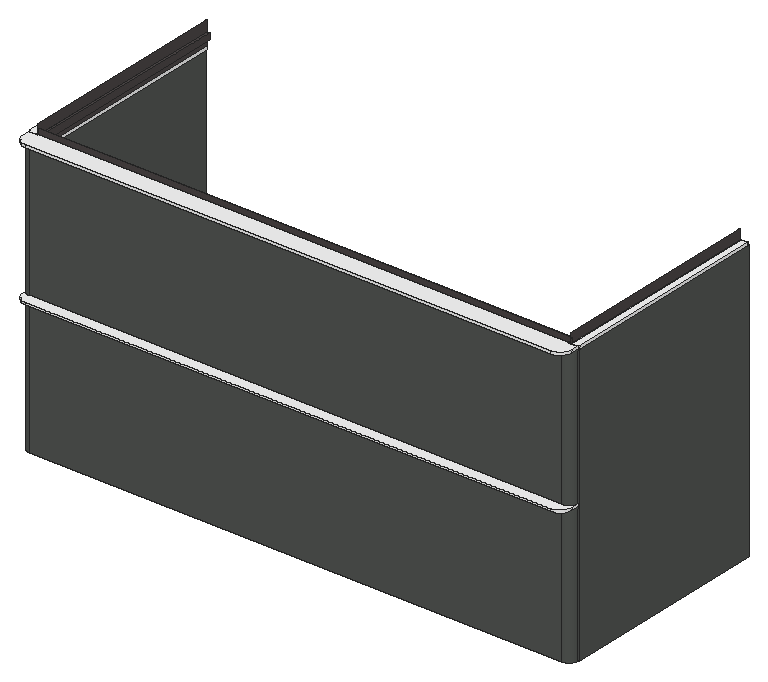
Revit family "vanity unit with 2 drawers", category Furniture, Revit 2019 (continued)
Definition of nested family "vanity unit 780_475 with 2 drawers for washbasin-54030670-dark walnut-matt_black-200_content"
  Forms (mm)
    Extrusion 10, solid, visible <- "ContentVisible", detail levels medium+fine
      sketch origin (0, 0, 0) x (0, 0, -1) y (0, 1, 0)
        loop
          line (-616, -453.5) -> (-567, -453.5) -> (-567, -447.4) -> (-616, -447.4) -> (-616, -453.5)
      from -372.5 to 372.5
    Extrusion 11, solid, visible <- "ContentVisible", detail levels coarse
      sketch origin (0, -248, 0) x (1, 0, 0) y (0, 1, 0)
        loop
          line (-390, -248) -> (390, -248) -> (390, 248) -> (-390, 248) -> (-390, -248)
      from 0 to 624.5
  Dimensions and locks
    aligned and locked: level to plane 2
Definition of nested family "vanity unit 780_475 with 2 drawers for washbasin-54030670-dark walnut-matt_black-400_content"
  Parameters (values of type "Vanity unit 780_475 with 2 drawers for washbasin-54030670-Dark Walnut-MATT_BLACK-400_Content")
    etim7_EC011381 = "EC011381"
    WEIGHT = "33.3"
    UNSPSC = "56 | Furniture and Furnishings"
    UNIFORMATII = "E2010 | Fixed Furnishings"
    UNICLASS_2015_CODE = "40_30_78_05"
    UNICLASS2015 = "Pr_40_30_78_05 | Bathroom furniture"
    SURFACE = "MATT_BLACK"
    REGIONSET = "Worldwide"
    PRODUCTURL = "https://pro.hansgrohe.com/articledetail--54030000"
    PRODUCTGROUP = "vanity unit"
    PRODUCTFAMILY = "Xelu Q"
    PERMALINK = "54030XXX"
    OMNICLASS = "23-21 19 15 33 13 | Residential Bathroom Specialty Casework"
    OBJECTTYPE = "Object (single object)"
    OBERFLAECHE = "Dark Walnut"
    NN = "Vanity Unit with 2 Drawers"
    NBSYN = "$BASENUMBER.-$ARTNR.-$OBERFLAECHE.-$SURFACE.-$LODLEVEL."
    NB = "Vanity unit 780/475 with 2 drawers for washbasin-54030670-Dark Walnut-MATT_BLACK-400"
    NAME = "Xelu Q Vanity unit Dark Walnut 780/475 with 2 drawers for washbasin"
    Model = "Vanity unit 780/475 with 2 drawers for washbasin-54030670-Dark Walnut-MATT_BLACK-400"
    Manufacturer = "Hansgrohe"
    MASTERFORMAT = "12 35 30.23 | Bathroom Casework"
    LODLEVEL = "400"
    LINA = "Vanity unit 780/475 with 2 drawers for washbasin-54030670-Dark Walnut-MATT_BLACK-400"
    L = 780
    IFC = "Furnishing element"
    GTINCODE = "4059625455456"
    ETIM = "EC011381 | Bathroom furniture set"
    Default Elevation = 1219.2 mm
    DESIGN = "Germany"
    ContentVisible [instance] = yes
    CATALOG = "Hansgrohe"
    BIMOBJECT = "Sanitary: Compound units"
    BASENUMBER = "Vanity unit 780/475 with 2 drawers for washbasin"
    ARTNR = "54030670"
  Reference planes
    plane 1 "Center (Front/Back)": y = 0
    plane 2: z = 0
    plane 3 "Center (Left/Right)": x = 0
  Forms (mm)
    Extrusion 1, solid, visible <- "ContentVisible", detail levels medium+fine
      sketch origin (0, 0, 0) x (1, 0, 0) y (0, 1, 0)
        loop
          line (-390, 0) -> (-390, -452)
          arc (-390, -452) -> (-389.121, -454.121) -> (-387, -455) r 3
          line (-387, -455) -> (-374, -455) -> (-374, 0) -> (-390, 0)
      from 0 to 600
    Extrusion 2, solid, visible <- "ContentVisible", detail levels medium+fine
      sketch origin (0, 0, 2) x (1, 0, 0) y (0, 1, 0)
        loop
          line (-374, -88) -> (-374, -455) -> (374, -455) -> (374, -88) -> (-374, -88)
      from 0 to 16
    Extrusion 3, solid, visible <- "ContentVisible", detail levels medium+fine
      sketch origin (0, 0, 0) x (1, 0, 0) y (0, 1, 0)
        loop
          line (374, 0) -> (374, -455) -> (387, -455)
          arc (387, -455) -> (389.121, -454.121) -> (390, -452) r 3
          line (390, -452) -> (390, 0) -> (374, 0)
      from 0 to 600
    Extrusion 4, solid, visible <- "ContentVisible", detail levels medium+fine
      sketch origin (0, 0, 2) x (1, 0, 0) y (0, 1, 0)
        loop
          line (-374, -72) -> (-374, -88) -> (374, -88) -> (374, -72) -> (-374, -72)
      from 0 to 126
    Extrusion 5, solid, visible <- "ContentVisible", detail levels medium+fine
      sketch origin (0, 0, 2) x (1, 0, 0) y (0, 1, 0)
        loop
          arc (-390, -457) -> (-384.435, -470.435) -> (-371, -476) r 19
          line (-371, -476) -> (371, -476)
          arc (371, -476) -> (384.435, -470.435) -> (390, -457) r 19
          line (390, -457) -> (390, -455) -> (-390, -455) -> (-390, -457)
      from 0 to 295
    Extrusion 6, solid, visible <- "ContentVisible", detail levels medium+fine
      sketch origin (0, 0, 305) x (1, 0, 0) y (0, 1, 0)
        loop
          arc (-390, -457) -> (-384.435, -470.435) -> (-371, -476) r 19
          line (-371, -476) -> (371, -476)
          arc (371, -476) -> (384.435, -470.435) -> (390, -457) r 19
          line (390, -457) -> (390, -455) -> (-390, -455) -> (-390, -457)
      from 0 to 295
    Extrusion 7, solid, visible <- "ContentVisible", detail levels medium+fine
      sketch origin (0, 0, 297) x (1, 0, 0) y (0, 1, 0)
        loop
          line (-388.5, -455) -> (-388.5, -471)
          arc (-388.5, -471) -> (-381.178, -488.678) -> (-363.5, -496) r 25
          line (-363.5, -496) -> (363.5, -496)
          arc (363.5, -496) -> (381.178, -488.678) -> (388.5, -471) r 25
          line (388.5, -471) -> (388.5, -455) -> (368.5, -455) -> (368.5, -453.5) -> (-368.5, -453.5) -> (-368.5, -455) -> (-388.5, -455)
      from 0 to 5
    Extrusion 8, solid, visible <- "ContentVisible", detail levels medium+fine
      sketch origin (0, 0, 0) x (0, 0, -1) y (0, 1, 0)
        loop
          line (-297, -453.5) -> (-297, -455) -> (-267, -455) -> (-267, -453.5) -> (-297, -453.5)
      from -368.5 to 368.5
    Extrusion 9, solid, visible <- "ContentVisible", detail levels medium+fine
      sketch origin (0, 0, 600) x (1, 0, 0) y (0, 1, 0)
        loop
          line (-388.5, -455) -> (-388.5, -471)
          arc (-388.5, -471) -> (-381.178, -488.678) -> (-363.5, -496) r 25
          line (-363.5, -496) -> (363.5, -496)
          arc (363.5, -496) -> (381.178, -488.678) -> (388.5, -471) r 25
          line (388.5, -471) -> (388.5, -455) -> (368.5, -455) -> (368.5, -453.5) -> (-368.5, -453.5) -> (-368.5, -455) -> (-388.5, -455)
      from 0 to 5
    Extrusion 10, solid, visible <- "ContentVisible", detail levels medium+fine
      sketch origin (0, 0, 0) x (0, 0, -1) y (0, 1, 0)
        loop
          line (-600, -453.5) -> (-600, -455) -> (-570, -455) -> (-570, -453.5) -> (-600, -453.5)
      from -368.5 to 368.5
    Extrusion 11, solid, visible <- "ContentVisible", detail levels medium+fine
      sketch origin (0, 0, 0) x (1, 0, 0) y (0, 0, -1)
        loop
          line (-374, -566.8) -> (-374, -605) -> (-372.5, -605) -> (-372.5, -566.8) -> (-374, -566.8)
      from -455 to 0
    Extrusion 12, solid, visible <- "ContentVisible", detail levels medium+fine
      sketch origin (0, 0, 0) x (1, 0, 0) y (0, 0, -1)
        loop
          line (372.5, -566.8) -> (372.5, -605) -> (374, -605) -> (374, -566.8) -> (372.5, -566.8)
      from -455 to 0
    Extrusion 13, solid, visible <- "ContentVisible", detail levels medium+fine
      sketch origin (0, 0, 600) x (1, 0, 0) y (0, 1, 0)
        loop
          line (-390, -3) -> (-390, -452)
          arc (-390, -452) -> (-389.121, -454.121) -> (-387, -455) r 3
          line (-387, -455) -> (-374, -455) -> (-374, 0) -> (-387, 0)
          arc (-387, 0) -> (-389.121, -0.879) -> (-390, -3) r 3
      from 0 to 5
    Extrusion 14, solid, visible <- "ContentVisible", detail levels medium+fine
      sketch origin (0, 0, 600) x (1, 0, 0) y (0, 1, 0)
        loop
          line (374, 0) -> (374, -455) -> (387, -455)
          arc (387, -455) -> (389.121, -454.121) -> (390, -452) r 3
          line (390, -452) -> (390, -3)
          arc (390, -3) -> (389.121, -0.879) -> (387, 0) r 3
          line (387, 0) -> (374, 0)
      from 0 to 5
    Extrusion 15, solid, visible <- "ContentVisible", detail levels medium+fine
      sketch origin (0, 0, 0) x (1, 0, 0) y (0, 0, -1)
        loop
          line (-372.5, -575.3) -> (-372.5, -624.5) -> (-371, -624.5) -> (-371, -602.8) -> (-366.4, -602.8) -> (-366.4, -588.3) -> (-371, -588.3) -> (-371, -575.3) -> (-372.5, -575.3)
      from -453.5 to 0
    Extrusion 16, solid, visible <- "ContentVisible", detail levels medium+fine
      sketch origin (0, 0, 0) x (1, 0, 0) y (0, 0, -1)
        loop
          line (366.4, -588.3) -> (366.4, -602.8) -> (371, -602.8) -> (371, -624.5) -> (372.5, -624.5) -> (372.5, -575.3) -> (371, -575.3) -> (371, -588.3) -> (366.4, -588.3)
      from -453.5 to 0
    Extrusion 17, solid, visible <- "ContentVisible", detail levels medium+fine
      sketch origin (0, 0, 0) x (0, 0, -1) y (0, 1, 0)
        loop
          line (-616, -453.5) -> (-567, -453.5) -> (-567, -452) -> (-588.5, -452) -> (-588.5, -447.4) -> (-603, -447.4) -> (-603, -452) -> (-616, -452) -> (-616, -453.5)
      from -372.5 to 372.5
    Extrusion 18, solid, visible <- "ContentVisible", detail levels coarse
      sketch origin (0, -248, 0) x (1, 0, 0) y (0, 1, 0)
        loop
          line (-390, -248) -> (390, -248) -> (390, 248) -> (-390, 248) -> (-390, -248)
      from 0 to 624.5
  Dimensions and locks
    aligned and locked: level to plane 2
Definition of nested family "vanity unit 780_475 with 2 drawers for washbasin-54030700-dark walnut-matt_white-200_content"
  Parameters (values of type "Vanity unit 780_475 with 2 drawers for washbasin-54030700-Dark Walnut-MATT_WHITE-200_Content")
    etim7_EC011381 = "EC011381"
    WEIGHT = "33.3"
    UNSPSC = "56 | Furniture and Furnishings"
    UNIFORMATII = "E2010 | Fixed Furnishings"
    UNICLASS_2015_CODE = "40_30_78_05"
    UNICLASS2015 = "Pr_40_30_78_05 | Bathroom furniture"
    SURFACE = "MATT_WHITE"
    REGIONSET = "Worldwide"
    PRODUCTURL = "https://pro.hansgrohe.com/articledetail--54030000"
    PRODUCTGROUP = "vanity unit"
    PRODUCTFAMILY = "Xelu Q"
    PERMALINK = "54030XXX"
    OMNICLASS = "23-21 19 15 33 13 | Residential Bathroom Specialty Casework"
    OBJECTTYPE = "Object (single object)"
    OBERFLAECHE = "Dark Walnut"
    NN = "Vanity Unit with 2 Drawers"
    NBSYN = "$BASENUMBER.-$ARTNR.-$OBERFLAECHE.-$SURFACE.-$LODLEVEL."
    NB = "Vanity unit 780/475 with 2 drawers for washbasin-54030700-Dark Walnut-MATT_WHITE-200"
    NAME = "Xelu Q Vanity unit Dark Walnut 780/475 with 2 drawers for washbasin"
    Model = "Vanity unit 780/475 with 2 drawers for washbasin-54030700-Dark Walnut-MATT_WHITE-200"
    Manufacturer = "Hansgrohe"
    MASTERFORMAT = "12 35 30.23 | Bathroom Casework"
    LODLEVEL = "200"
    LINA = "Vanity unit 780/475 with 2 drawers for washbasin-54030700-Dark Walnut-MATT_WHITE-200"
    L = 780
    IFC = "Furnishing element"
    GTINCODE = "4059625455456"
    ETIM = "EC011381 | Bathroom furniture set"
    Default Elevation = 1219.2 mm
    DESIGN = "Germany"
    ContentVisible [instance] = yes
    CATALOG = "Hansgrohe"
    BIMOBJECT = "Sanitary: Compound units"
    BASENUMBER = "Vanity unit 780/475 with 2 drawers for washbasin"
    ARTNR = "54030700"
  Reference planes
    plane 1 "Center (Front/Back)": y = 0
    plane 2: z = 0
    plane 3 "Center (Left/Right)": x = 0
  Forms (mm)
    Extrusion 1, solid, visible <- "ContentVisible", detail levels medium+fine
      sketch origin (0, 0, 0) x (1, 0, 0) y (0, 1, 0)
        loop
          line (-390, 0) -> (-390, -476) -> (390, -476) -> (390, 0) -> (374, 0) -> (374, -72) -> (-374, -72) -> (-374, 0) -> (-390, 0)
      from 0 to 600
    Extrusion 2, solid, visible <- "ContentVisible", detail levels medium+fine
      sketch origin (0, 0, 297) x (1, 0, 0) y (0, 1, 0)
        loop
          line (-388.5, -453.5) -> (-388.5, -496) -> (388.5, -496) -> (388.5, -453.5) -> (-388.5, -453.5)
      from 0 to 5
    Extrusion 3, solid, visible <- "ContentVisible", detail levels medium+fine
      sketch origin (0, 0, 600) x (1, 0, 0) y (0, 1, 0)
        loop
          line (-388.5, -453.5) -> (-388.5, -496) -> (388.5, -496) -> (388.5, -453.5) -> (-388.5, -453.5)
      from 0 to 5
    Extrusion 4, solid, visible <- "ContentVisible", detail levels medium+fine
      sketch origin (0, 0, 0) x (1, 0, 0) y (0, 0, -1)
        loop
          line (-374, -566.8) -> (-374, -605) -> (-372.5, -605) -> (-372.5, -566.8) -> (-374, -566.8)
      from -455 to 0
    Extrusion 5, solid, visible <- "ContentVisible", detail levels medium+fine
      sketch origin (0, 0, 0) x (1, 0, 0) y (0, 0, -1)
        loop
          line (372.5, -566.8) -> (372.5, -605) -> (374, -605) -> (374, -566.8) -> (372.5, -566.8)
      from -455 to 0
    Extrusion 6, solid, visible <- "ContentVisible", detail levels medium+fine
      sketch origin (0, 0, 600) x (1, 0, 0) y (0, 1, 0)
        loop
          line (-390, 0) -> (-390, -455) -> (-374, -455) -> (-374, 0) -> (-390, 0)
      from 0 to 5
    Extrusion 7, solid, visible <- "ContentVisible", detail levels medium+fine
      sketch origin (0, 0, 600) x (1, 0, 0) y (0, 1, 0)
        loop
          line (374, 0) -> (374, -455) -> (390, -455) -> (390, 0) -> (374, 0)
      from 0 to 5
    Extrusion 8, solid, visible <- "ContentVisible", detail levels medium+fine
      sketch origin (0, 0, 0) x (1, 0, 0) y (0, 0, -1)
        loop
          line (-372.5, -575.3) -> (-372.5, -624.5) -> (-366.4, -624.5) -> (-366.4, -575.3) -> (-372.5, -575.3)
      from -453.5 to 0
    Extrusion 9, solid, visible <- "ContentVisible", detail levels medium+fine
      sketch origin (0, 0, 0) x (1, 0, 0) y (0, 0, -1)
        loop
          line (366.4, -575.3) -> (366.4, -624.5) -> (372.5, -624.5) -> (372.5, -575.3) -> (366.4, -575.3)
      from -453.5 to 0
    Extrusion 10, solid, visible <- "ContentVisible", detail levels medium+fine
      sketch origin (0, 0, 0) x (0, 0, -1) y (0, 1, 0)
        loop
          line (-616, -453.5) -> (-567, -453.5) -> (-567, -447.4) -> (-616, -447.4) -> (-616, -453.5)
      from -372.5 to 372.5
    Extrusion 11, solid, visible <- "ContentVisible", detail levels coarse
      sketch origin (0, -248, 0) x (1, 0, 0) y (0, 1, 0)
        loop
          line (-390, -248) -> (390, -248) -> (390, 248) -> (-390, 248) -> (-390, -248)
      from 0 to 624.5
  Dimensions and locks
    aligned and locked: level to plane 2
Definition of nested family "vanity unit 780_475 with 2 drawers for washbasin-54030700-dark walnut-matt_white-400_content"
  Parameters (values of type "Vanity unit 780_475 with 2 drawers for washbasin-54030700-Dark Walnut-MATT_WHITE-400_Content")
    etim7_EC011381 = "EC011381"
    WEIGHT = "33.3"
    UNSPSC = "56 | Furniture and Furnishings"
    UNIFORMATII = "E2010 | Fixed Furnishings"
    UNICLASS_2015_CODE = "40_30_78_05"
    UNICLASS2015 = "Pr_40_30_78_05 | Bathroom furniture"
    SURFACE = "MATT_WHITE"
    REGIONSET = "Worldwide"
    PRODUCTURL = "https://pro.hansgrohe.com/articledetail--54030000"
    PRODUCTGROUP = "vanity unit"
    PRODUCTFAMILY = "Xelu Q"
    PERMALINK = "54030XXX"
    OMNICLASS = "23-21 19 15 33 13 | Residential Bathroom Specialty Casework"
    OBJECTTYPE = "Object (single object)"
    OBERFLAECHE = "Dark Walnut"
    NN = "Vanity Unit with 2 Drawers"
    NBSYN = "$BASENUMBER.-$ARTNR.-$OBERFLAECHE.-$SURFACE.-$LODLEVEL."
    NB = "Vanity unit 780/475 with 2 drawers for washbasin-54030700-Dark Walnut-MATT_WHITE-400"
    NAME = "Xelu Q Vanity unit Dark Walnut 780/475 with 2 drawers for washbasin"
    Model = "Vanity unit 780/475 with 2 drawers for washbasin-54030700-Dark Walnut-MATT_WHITE-400"
    Manufacturer = "Hansgrohe"
    MASTERFORMAT = "12 35 30.23 | Bathroom Casework"
    LODLEVEL = "400"
    LINA = "Vanity unit 780/475 with 2 drawers for washbasin-54030700-Dark Walnut-MATT_WHITE-400"
    L = 780
    IFC = "Furnishing element"
    GTINCODE = "4059625455456"
    ETIM = "EC011381 | Bathroom furniture set"
    Default Elevation = 1219.2 mm
    DESIGN = "Germany"
    ContentVisible [instance] = yes
    CATALOG = "Hansgrohe"
    BIMOBJECT = "Sanitary: Compound units"
    BASENUMBER = "Vanity unit 780/475 with 2 drawers for washbasin"
    ARTNR = "54030700"
  Reference planes
    plane 1 "Center (Front/Back)": y = 0
    plane 2: z = 0
    plane 3 "Center (Left/Right)": x = 0
  Forms (mm)
    Extrusion 1, solid, visible <- "ContentVisible", detail levels medium+fine
      sketch origin (0, 0, 0) x (1, 0, 0) y (0, 1, 0)
        loop
          line (-390, 0) -> (-390, -452)
          arc (-390, -452) -> (-389.121, -454.121) -> (-387, -455) r 3
          line (-387, -455) -> (-374, -455) -> (-374, 0) -> (-390, 0)
      from 0 to 600
    Extrusion 2, solid, visible <- "ContentVisible", detail levels medium+fine
      sketch origin (0, 0, 2) x (1, 0, 0) y (0, 1, 0)
        loop
          line (-374, -88) -> (-374, -455) -> (374, -455) -> (374, -88) -> (-374, -88)
      from 0 to 16
    Extrusion 3, solid, visible <- "ContentVisible", detail levels medium+fine
      sketch origin (0, 0, 0) x (1, 0, 0) y (0, 1, 0)
        loop
          line (374, 0) -> (374, -455) -> (387, -455)
          arc (387, -455) -> (389.121, -454.121) -> (390, -452) r 3
          line (390, -452) -> (390, 0) -> (374, 0)
      from 0 to 600
    Extrusion 4, solid, visible <- "ContentVisible", detail levels medium+fine
      sketch origin (0, 0, 2) x (1, 0, 0) y (0, 1, 0)
        loop
          line (-374, -72) -> (-374, -88) -> (374, -88) -> (374, -72) -> (-374, -72)
      from 0 to 126
    Extrusion 5, solid, visible <- "ContentVisible", detail levels medium+fine
      sketch origin (0, 0, 2) x (1, 0, 0) y (0, 1, 0)
        loop
          arc (-390, -457) -> (-384.435, -470.435) -> (-371, -476) r 19
          line (-371, -476) -> (371, -476)
          arc (371, -476) -> (384.435, -470.435) -> (390, -457) r 19
          line (390, -457) -> (390, -455) -> (-390, -455) -> (-390, -457)
      from 0 to 295
    Extrusion 6, solid, visible <- "ContentVisible", detail levels medium+fine
      sketch origin (0, 0, 305) x (1, 0, 0) y (0, 1, 0)
        loop
          arc (-390, -457) -> (-384.435, -470.435) -> (-371, -476) r 19
          line (-371, -476) -> (371, -476)
          arc (371, -476) -> (384.435, -470.435) -> (390, -457) r 19
          line (390, -457) -> (390, -455) -> (-390, -455) -> (-390, -457)
      from 0 to 295
    Extrusion 7, solid, visible <- "ContentVisible", detail levels medium+fine
      sketch origin (0, 0, 297) x (1, 0, 0) y (0, 1, 0)
        loop
          line (-388.5, -455) -> (-388.5, -471)
          arc (-388.5, -471) -> (-381.178, -488.678) -> (-363.5, -496) r 25
          line (-363.5, -496) -> (363.5, -496)
          arc (363.5, -496) -> (381.178, -488.678) -> (388.5, -471) r 25
          line (388.5, -471) -> (388.5, -455) -> (368.5, -455) -> (368.5, -453.5) -> (-368.5, -453.5) -> (-368.5, -455) -> (-388.5, -455)
      from 0 to 5
    Extrusion 8, solid, visible <- "ContentVisible", detail levels medium+fine
      sketch origin (0, 0, 0) x (0, 0, -1) y (0, 1, 0)
        loop
          line (-297, -453.5) -> (-297, -455) -> (-267, -455) -> (-267, -453.5) -> (-297, -453.5)
      from -368.5 to 368.5
    Extrusion 9, solid, visible <- "ContentVisible", detail levels medium+fine
      sketch origin (0, 0, 600) x (1, 0, 0) y (0, 1, 0)
        loop
          line (-388.5, -455) -> (-388.5, -471)
          arc (-388.5, -471) -> (-381.178, -488.678) -> (-363.5, -496) r 25
          line (-363.5, -496) -> (363.5, -496)
          arc (363.5, -496) -> (381.178, -488.678) -> (388.5, -471) r 25
          line (388.5, -471) -> (388.5, -455) -> (368.5, -455) -> (368.5, -453.5) -> (-368.5, -453.5) -> (-368.5, -455) -> (-388.5, -455)
      from 0 to 5
    Extrusion 10, solid, visible <- "ContentVisible", detail levels medium+fine
      sketch origin (0, 0, 0) x (0, 0, -1) y (0, 1, 0)
        loop
          line (-600, -453.5) -> (-600, -455) -> (-570, -455) -> (-570, -453.5) -> (-600, -453.5)
      from -368.5 to 368.5
    Extrusion 11, solid, visible <- "ContentVisible", detail levels medium+fine
      sketch origin (0, 0, 0) x (1, 0, 0) y (0, 0, -1)
        loop
          line (-374, -566.8) -> (-374, -605) -> (-372.5, -605) -> (-372.5, -566.8) -> (-374, -566.8)
      from -455 to 0
    Extrusion 12, solid, visible <- "ContentVisible", detail levels medium+fine
      sketch origin (0, 0, 0) x (1, 0, 0) y (0, 0, -1)
        loop
          line (372.5, -566.8) -> (372.5, -605) -> (374, -605) -> (374, -566.8) -> (372.5, -566.8)
      from -455 to 0
    Extrusion 13, solid, visible <- "ContentVisible", detail levels medium+fine
      sketch origin (0, 0, 600) x (1, 0, 0) y (0, 1, 0)
        loop
          line (-390, -3) -> (-390, -452)
          arc (-390, -452) -> (-389.121, -454.121) -> (-387, -455) r 3
          line (-387, -455) -> (-374, -455) -> (-374, 0) -> (-387, 0)
          arc (-387, 0) -> (-389.121, -0.879) -> (-390, -3) r 3
      from 0 to 5
    Extrusion 14, solid, visible <- "ContentVisible", detail levels medium+fine
      sketch origin (0, 0, 600) x (1, 0, 0) y (0, 1, 0)
        loop
          line (374, 0) -> (374, -455) -> (387, -455)
          arc (387, -455) -> (389.121, -454.121) -> (390, -452) r 3
          line (390, -452) -> (390, -3)
          arc (390, -3) -> (389.121, -0.879) -> (387, 0) r 3
          line (387, 0) -> (374, 0)
      from 0 to 5
    Extrusion 15, solid, visible <- "ContentVisible", detail levels medium+fine
      sketch origin (0, 0, 0) x (1, 0, 0) y (0, 0, -1)
        loop
          line (-372.5, -575.3) -> (-372.5, -624.5) -> (-371, -624.5) -> (-371, -602.8) -> (-366.4, -602.8) -> (-366.4, -588.3) -> (-371, -588.3) -> (-371, -575.3) -> (-372.5, -575.3)
      from -453.5 to 0
    Extrusion 16, solid, visible <- "ContentVisible", detail levels medium+fine
      sketch origin (0, 0, 0) x (1, 0, 0) y (0, 0, -1)
        loop
          line (366.4, -588.3) -> (366.4, -602.8) -> (371, -602.8) -> (371, -624.5) -> (372.5, -624.5) -> (372.5, -575.3) -> (371, -575.3) -> (371, -588.3) -> (366.4, -588.3)
      from -453.5 to 0
    Extrusion 17, solid, visible <- "ContentVisible", detail levels medium+fine
      sketch origin (0, 0, 0) x (0, 0, -1) y (0, 1, 0)
        loop
          line (-616, -453.5) -> (-567, -453.5) -> (-567, -452) -> (-588.5, -452) -> (-588.5, -447.4) -> (-603, -447.4) -> (-603, -452) -> (-616, -452) -> (-616, -453.5)
      from -372.5 to 372.5
    Extrusion 18, solid, visible <- "ContentVisible", detail levels coarse
      sketch origin (0, -248, 0) x (1, 0, 0) y (0, 1, 0)
        loop
          line (-390, -248) -> (390, -248) -> (390, 248) -> (-390, 248) -> (-390, -248)
      from 0 to 624.5
  Dimensions and locks
    aligned and locked: level to plane 2
Definition of nested family "vanity unit 980_475 with 2 drawers for washbasin-54031000-high gloss white-chrome-200_content"
  Parameters (values of type "Vanity unit 980_475 with 2 drawers for washbasin-54031000-High Gloss White-CHROME-200_Content")
    etim7_EC011381 = "EC011381"
    WEIGHT = "39.8"
    UNSPSC = "56 | Furniture and Furnishings"
    UNIFORMATII = "E2010 | Fixed Furnishings"
    UNICLASS_2015_CODE = "40_30_78_05"
    UNICLASS2015 = "Pr_40_30_78_05 | Bathroom furniture"
    SURFACE = "CHROME"
    REGIONSET = "Worldwide"
    PRODUCTURL = "https://pro.hansgrohe.com/articledetail--54031000"
    PRODUCTGROUP = "vanity unit"
    PRODUCTFAMILY = "Xelu Q"
    PERMALINK = "54031XXX"
    OMNICLASS = "23-21 19 15 33 13 | Residential Bathroom Specialty Casework"
    OBJECTTYPE = "Object (single object)"
    OBERFLAECHE = "High Gloss White"
    NN = "Vanity Unit with 2 Drawers"
    NBSYN = "$BASENUMBER.-$ARTNR.-$OBERFLAECHE.-$SURFACE.-$LODLEVEL."
    NB = "Vanity unit 980/475 with 2 drawers for washbasin-54031000-High Gloss White-CHROME-200"
    NAME = "Xelu Q Vanity unit High Gloss White 980/475 with 2 drawers for washbasin"
    Model = "Vanity unit 980/475 with 2 drawers for washbasin-54031000-High Gloss White-CHROME-200"
    Manufacturer = "Hansgrohe"
    MASTERFORMAT = "12 35 30.23 | Bathroom Casework"
    LODLEVEL = "200"
    LINA = "Vanity unit 980/475 with 2 drawers for washbasin-54031000-High Gloss White-CHROME-200"
    L = 980
    IFC = "Furnishing element"
    GTINCODE = "4059625455425"
    ETIM = "EC011381 | Bathroom furniture set"
    Default Elevation = 1219.2 mm
    DESIGN = "Germany"
    ContentVisible [instance] = yes
    CATALOG = "Hansgrohe"
    BIMOBJECT = "Sanitary: Compound units"
    BASENUMBER = "Vanity unit 980/475 with 2 drawers for washbasin"
    ARTNR = "54031000"
  Reference planes
    plane 1 "Center (Front/Back)": y = 0
    plane 2: z = 0
    plane 3 "Center (Left/Right)": x = 0
  Forms (mm)
    Extrusion 1, solid, visible <- "ContentVisible", detail levels medium+fine
      sketch origin (0, 0, 0) x (1, 0, 0) y (0, 1, 0)
        loop
          line (-490, 0) -> (-490, -476) -> (490, -476) -> (490, 0) -> (474, 0) -> (474, -72) -> (-474, -72) -> (-474, 0) -> (-490, 0)
      from 0 to 600
    Extrusion 2, solid, visible <- "ContentVisible", detail levels medium+fine
      sketch origin (0, 0, 297) x (1, 0, 0) y (0, 1, 0)
        loop
          line (-488.5, -453.5) -> (-488.5, -496) -> (488.5, -496) -> (488.5, -453.5) -> (-488.5, -453.5)
      from 0 to 5
    Extrusion 3, solid, visible <- "ContentVisible", detail levels medium+fine
      sketch origin (0, 0, 600) x (1, 0, 0) y (0, 1, 0)
        loop
          line (-488.5, -453.5) -> (-488.5, -496) -> (488.5, -496) -> (488.5, -453.5) -> (-488.5, -453.5)
      from 0 to 5
    Extrusion 4, solid, visible <- "ContentVisible", detail levels medium+fine
      sketch origin (0, 0, 0) x (1, 0, 0) y (0, 0, -1)
        loop
          line (-474, -566.8) -> (-474, -605) -> (-472.5, -605) -> (-472.5, -566.8) -> (-474, -566.8)
      from -455 to 0
    Extrusion 5, solid, visible <- "ContentVisible", detail levels medium+fine
      sketch origin (0, 0, 0) x (1, 0, 0) y (0, 0, -1)
        loop
          line (472.5, -566.8) -> (472.5, -605) -> (474, -605) -> (474, -566.8) -> (472.5, -566.8)
      from -455 to 0
    Extrusion 6, solid, visible <- "ContentVisible", detail levels medium+fine
      sketch origin (0, 0, 600) x (1, 0, 0) y (0, 1, 0)
        loop
          line (-490, 0) -> (-490, -455) -> (-474, -455) -> (-474, 0) -> (-490, 0)
      from 0 to 5
    Extrusion 7, solid, visible <- "ContentVisible", detail levels medium+fine
      sketch origin (0, 0, 600) x (1, 0, 0) y (0, 1, 0)
        loop
          line (474, 0) -> (474, -455) -> (490, -455) -> (490, 0) -> (474, 0)
      from 0 to 5
    Extrusion 8, solid, visible <- "ContentVisible", detail levels medium+fine
      sketch origin (0, 0, 0) x (1, 0, 0) y (0, 0, -1)
        loop
          line (-472.5, -575.3) -> (-472.5, -624.5) -> (-466.4, -624.5) -> (-466.4, -575.3) -> (-472.5, -575.3)
      from -453.5 to 0
    Extrusion 9, solid, visible <- "ContentVisible", detail levels medium+fine
      sketch origin (0, 0, 0) x (1, 0, 0) y (0, 0, -1)
        loop
          line (466.4, -575.3) -> (466.4, -624.5) -> (472.5, -624.5) -> (472.5, -575.3) -> (466.4, -575.3)
      from -453.5 to 0
    Extrusion 10, solid, visible <- "ContentVisible", detail levels medium+fine
      sketch origin (0, 0, 0) x (0, 0, -1) y (0, 1, 0)
        loop
          line (-616, -453.5) -> (-567, -453.5) -> (-567, -447.4) -> (-616, -447.4) -> (-616, -453.5)
      from -472.5 to 472.5
    Extrusion 11, solid, visible <- "ContentVisible", detail levels coarse
      sketch origin (0, -248, 0) x (1, 0, 0) y (0, 1, 0)
        loop
          line (-490, -248) -> (490, -248) -> (490, 248) -> (-490, 248) -> (-490, -248)
      from 0 to 624.5
  Dimensions and locks
    aligned and locked: level to plane 2
Definition of nested family "vanity unit 980_475 with 2 drawers for washbasin-54031000-high gloss white-chrome-400_content"
  Parameters (values of type "Vanity unit 980_475 with 2 drawers for washbasin-54031000-High Gloss White-CHROME-400_Content")
    etim7_EC011381 = "EC011381"
    WEIGHT = "39.8"
    UNSPSC = "56 | Furniture and Furnishings"
    UNIFORMATII = "E2010 | Fixed Furnishings"
    UNICLASS_2015_CODE = "40_30_78_05"
    UNICLASS2015 = "Pr_40_30_78_05 | Bathroom furniture"
    SURFACE = "CHROME"
    REGIONSET = "Worldwide"
    PRODUCTURL = "https://pro.hansgrohe.com/articledetail--54031000"
    PRODUCTGROUP = "vanity unit"
    PRODUCTFAMILY = "Xelu Q"
    PERMALINK = "54031XXX"
    OMNICLASS = "23-21 19 15 33 13 | Residential Bathroom Specialty Casework"
    OBJECTTYPE = "Object (single object)"
    OBERFLAECHE = "High Gloss White"
    NN = "Vanity Unit with 2 Drawers"
    NBSYN = "$BASENUMBER.-$ARTNR.-$OBERFLAECHE.-$SURFACE.-$LODLEVEL."
    NB = "Vanity unit 980/475 with 2 drawers for washbasin-54031000-High Gloss White-CHROME-400"
    NAME = "Xelu Q Vanity unit High Gloss White 980/475 with 2 drawers for washbasin"
    Model = "Vanity unit 980/475 with 2 drawers for washbasin-54031000-High Gloss White-CHROME-400"
    Manufacturer = "Hansgrohe"
    MASTERFORMAT = "12 35 30.23 | Bathroom Casework"
    LODLEVEL = "400"
    LINA = "Vanity unit 980/475 with 2 drawers for washbasin-54031000-High Gloss White-CHROME-400"
    L = 980
    IFC = "Furnishing element"
    GTINCODE = "4059625455425"
    ETIM = "EC011381 | Bathroom furniture set"
    Default Elevation = 1219.2 mm
    DESIGN = "Germany"
    ContentVisible [instance] = yes
    CATALOG = "Hansgrohe"
    BIMOBJECT = "Sanitary: Compound units"
    BASENUMBER = "Vanity unit 980/475 with 2 drawers for washbasin"
    ARTNR = "54031000"
  Reference planes
    plane 1 "Center (Front/Back)": y = 0
    plane 2: z = 0
    plane 3 "Center (Left/Right)": x = 0
  Forms (mm)
    Extrusion 1, solid, visible <- "ContentVisible", detail levels medium+fine
      sketch origin (0, 0, 0) x (1, 0, 0) y (0, 1, 0)
        loop
          line (-490, 0) -> (-490, -452)
          arc (-490, -452) -> (-489.121, -454.121) -> (-487, -455) r 3
          line (-487, -455) -> (-474, -455) -> (-474, 0) -> (-490, 0)
      from 0 to 600
    Extrusion 2, solid, visible <- "ContentVisible", detail levels medium+fine
      sketch origin (0, 0, 2) x (1, 0, 0) y (0, 1, 0)
        loop
          line (-474, -88) -> (-474, -455) -> (474, -455) -> (474, -88) -> (-474, -88)
      from 0 to 16
    Extrusion 3, solid, visible <- "ContentVisible", detail levels medium+fine
      sketch origin (0, 0, 0) x (1, 0, 0) y (0, 1, 0)
        loop
          line (474, 0) -> (474, -455) -> (487, -455)
          arc (487, -455) -> (489.121, -454.121) -> (490, -452) r 3
          line (490, -452) -> (490, 0) -> (474, 0)
      from 0 to 600
    Extrusion 4, solid, visible <- "ContentVisible", detail levels medium+fine
      sketch origin (0, 0, 2) x (1, 0, 0) y (0, 1, 0)
        loop
          line (-474, -72) -> (-474, -88) -> (474, -88) -> (474, -72) -> (-474, -72)
      from 0 to 126
    Extrusion 5, solid, visible <- "ContentVisible", detail levels medium+fine
      sketch origin (0, 0, 2) x (1, 0, 0) y (0, 1, 0)
        loop
          line (-490, -455) -> (-490, -457)
          arc (-490, -457) -> (-484.435, -470.435) -> (-471, -476) r 19
          line (-471, -476) -> (471, -476)
          arc (471, -476) -> (484.435, -470.435) -> (490, -457) r 19
          line (490, -457) -> (490, -455) -> (-490, -455)
      from 0 to 295
    Extrusion 6, solid, visible <- "ContentVisible", detail levels medium+fine
      sketch origin (0, 0, 305) x (1, 0, 0) y (0, 1, 0)
        loop
          line (-490, -455) -> (-490, -457)
          arc (-490, -457) -> (-484.435, -470.435) -> (-471, -476) r 19
          line (-471, -476) -> (471, -476)
          arc (471, -476) -> (484.435, -470.435) -> (490, -457) r 19
          line (490, -457) -> (490, -455) -> (-490, -455)
      from 0 to 295
    Extrusion 7, solid, visible <- "ContentVisible", detail levels medium+fine
      sketch origin (0, 0, 297) x (1, 0, 0) y (0, 1, 0)
        loop
          line (-488.5, -455) -> (-488.5, -471)
          arc (-488.5, -471) -> (-481.178, -488.678) -> (-463.5, -496) r 25
          line (-463.5, -496) -> (463.5, -496)
          arc (463.5, -496) -> (481.178, -488.678) -> (488.5, -471) r 25
          line (488.5, -471) -> (488.5, -455) -> (468.5, -455) -> (468.5, -453.5) -> (-468.5, -453.5) -> (-468.5, -455) -> (-488.5, -455)
      from 0 to 5
    Extrusion 8, solid, visible <- "ContentVisible", detail levels medium+fine
      sketch origin (0, 0, 0) x (0, 0, -1) y (0, 1, 0)
        loop
          line (-297, -453.5) -> (-297, -455) -> (-267, -455) -> (-267, -453.5) -> (-297, -453.5)
      from -468.5 to 468.5
    Extrusion 9, solid, visible <- "ContentVisible", detail levels medium+fine
      sketch origin (0, 0, 600) x (1, 0, 0) y (0, 1, 0)
        loop
          line (-488.5, -455) -> (-488.5, -471)
          arc (-488.5, -471) -> (-481.178, -488.678) -> (-463.5, -496) r 25
          line (-463.5, -496) -> (463.5, -496)
          arc (463.5, -496) -> (481.178, -488.678) -> (488.5, -471) r 25
          line (488.5, -471) -> (488.5, -455) -> (468.5, -455) -> (468.5, -453.5) -> (-468.5, -453.5) -> (-468.5, -455) -> (-488.5, -455)
      from 0 to 5
    Extrusion 10, solid, visible <- "ContentVisible", detail levels medium+fine
      sketch origin (0, 0, 0) x (0, 0, -1) y (0, 1, 0)
        loop
          line (-600, -453.5) -> (-600, -455) -> (-570, -455) -> (-570, -453.5) -> (-600, -453.5)
      from -468.5 to 468.5
    Extrusion 11, solid, visible <- "ContentVisible", detail levels medium+fine
      sketch origin (0, 0, 0) x (1, 0, 0) y (0, 0, -1)
        loop
          line (-474, -566.8) -> (-474, -605) -> (-472.5, -605) -> (-472.5, -566.8) -> (-474, -566.8)
      from -455 to 0
    Extrusion 12, solid, visible <- "ContentVisible", detail levels medium+fine
      sketch origin (0, 0, 0) x (1, 0, 0) y (0, 0, -1)
        loop
          line (472.5, -566.8) -> (472.5, -605) -> (474, -605) -> (474, -566.8) -> (472.5, -566.8)
      from -455 to 0
    Extrusion 13, solid, visible <- "ContentVisible", detail levels medium+fine
      sketch origin (0, 0, 600) x (1, 0, 0) y (0, 1, 0)
        loop
          line (-490, -3) -> (-490, -452)
          arc (-490, -452) -> (-489.121, -454.121) -> (-487, -455) r 3
          line (-487, -455) -> (-474, -455) -> (-474, 0) -> (-487, 0)
          arc (-487, 0) -> (-489.121, -0.879) -> (-490, -3) r 3
      from 0 to 5
    Extrusion 14, solid, visible <- "ContentVisible", detail levels medium+fine
      sketch origin (0, 0, 600) x (1, 0, 0) y (0, 1, 0)
        loop
          line (474, 0) -> (474, -455) -> (487, -455)
          arc (487, -455) -> (489.121, -454.121) -> (490, -452) r 3
          line (490, -452) -> (490, -3)
          arc (490, -3) -> (489.121, -0.879) -> (487, 0) r 3
          line (487, 0) -> (474, 0)
      from 0 to 5
    Extrusion 15, solid, visible <- "ContentVisible", detail levels medium+fine
      sketch origin (0, 0, 0) x (1, 0, 0) y (0, 0, -1)
        loop
          line (-472.5, -575.3) -> (-472.5, -624.5) -> (-471, -624.5) -> (-471, -602.8) -> (-466.4, -602.8) -> (-466.4, -588.3) -> (-471, -588.3) -> (-471, -575.3) -> (-472.5, -575.3)
      from -453.5 to 0
    Extrusion 16, solid, visible <- "ContentVisible", detail levels medium+fine
      sketch origin (0, 0, 0) x (1, 0, 0) y (0, 0, -1)
        loop
          line (466.4, -588.3) -> (466.4, -602.8) -> (471, -602.8) -> (471, -624.5) -> (472.5, -624.5) -> (472.5, -575.3) -> (471, -575.3) -> (471, -588.3) -> (466.4, -588.3)
      from -453.5 to 0
    Extrusion 17, solid, visible <- "ContentVisible", detail levels medium+fine
      sketch origin (0, 0, 0) x (0, 0, -1) y (0, 1, 0)
        loop
          line (-616, -453.5) -> (-567, -453.5) -> (-567, -452) -> (-588.5, -452) -> (-588.5, -447.4) -> (-603, -447.4) -> (-603, -452) -> (-616, -452) -> (-616, -453.5)
      from -472.5 to 472.5
    Extrusion 18, solid, visible <- "ContentVisible", detail levels coarse
      sketch origin (0, -248, 0) x (1, 0, 0) y (0, 1, 0)
        loop
          line (-490, -248) -> (490, -248) -> (490, 248) -> (-490, 248) -> (-490, -248)
      from 0 to 624.5
  Dimensions and locks
    aligned and locked: level to plane 2
Definition of nested family "vanity unit 980_475 with 2 drawers for washbasin-54031670-high gloss white-matt_black-200_content"
  Parameters (values of type "Vanity unit 980_475 with 2 drawers for washbasin-54031670-High Gloss White-MATT_BLACK-200_Content")
    etim7_EC011381 = "EC011381"
    WEIGHT = "39.8"
    UNSPSC = "56 | Furniture and Furnishings"
    UNIFORMATII = "E2010 | Fixed Furnishings"
    UNICLASS_2015_CODE = "40_30_78_05"
    UNICLASS2015 = "Pr_40_30_78_05 | Bathroom furniture"
    SURFACE = "MATT_BLACK"
    REGIONSET = "Worldwide"
    PRODUCTURL = "https://pro.hansgrohe.com/articledetail--54031000"
    PRODUCTGROUP = "vanity unit"
    PRODUCTFAMILY = "Xelu Q"
    PERMALINK = "54031XXX"
    OMNICLASS = "23-21 19 15 33 13 | Residential Bathroom Specialty Casework"
    OBJECTTYPE = "Object (single object)"
    OBERFLAECHE = "High Gloss White"
    NN = "Vanity Unit with 2 Drawers"
    NBSYN = "$BASENUMBER.-$ARTNR.-$OBERFLAECHE.-$SURFACE.-$LODLEVEL."
    NB = "Vanity unit 980/475 with 2 drawers for washbasin-54031670-High Gloss White-MATT_BLACK-200"
    NAME = "Xelu Q Vanity unit High Gloss White 980/475 with 2 drawers for washbasin"
    Model = "Vanity unit 980/475 with 2 drawers for washbasin-54031670-High Gloss White-MATT_BLACK-200"
    Manufacturer = "Hansgrohe"
    MASTERFORMAT = "12 35 30.23 | Bathroom Casework"
    LODLEVEL = "200"
    LINA = "Vanity unit 980/475 with 2 drawers for washbasin-54031670-High Gloss White-MATT_BLACK-200"
    L = 980
    IFC = "Furnishing element"
    GTINCODE = "4059625455425"
    ETIM = "EC011381 | Bathroom furniture set"
    Default Elevation = 1219.2 mm
    DESIGN = "Germany"
    ContentVisible [instance] = yes
    CATALOG = "Hansgrohe"
    BIMOBJECT = "Sanitary: Compound units"
    BASENUMBER = "Vanity unit 980/475 with 2 drawers for washbasin"
    ARTNR = "54031670"
  Reference planes
    plane 1 "Center (Front/Back)": y = 0
    plane 2: z = 0
    plane 3 "Center (Left/Right)": x = 0
  Forms (mm)
    Extrusion 1, solid, visible <- "ContentVisible", detail levels medium+fine
      sketch origin (0, 0, 0) x (1, 0, 0) y (0, 1, 0)
        loop
          line (-490, 0) -> (-490, -476) -> (490, -476) -> (490, 0) -> (474, 0) -> (474, -72) -> (-474, -72) -> (-474, 0) -> (-490, 0)
      from 0 to 600
    Extrusion 2, solid, visible <- "ContentVisible", detail levels medium+fine
      sketch origin (0, 0, 297) x (1, 0, 0) y (0, 1, 0)
        loop
          line (-488.5, -453.5) -> (-488.5, -496) -> (488.5, -496) -> (488.5, -453.5) -> (-488.5, -453.5)
      from 0 to 5
    Extrusion 3, solid, visible <- "ContentVisible", detail levels medium+fine
      sketch origin (0, 0, 600) x (1, 0, 0) y (0, 1, 0)
        loop
          line (-488.5, -453.5) -> (-488.5, -496) -> (488.5, -496) -> (488.5, -453.5) -> (-488.5, -453.5)
      from 0 to 5
    Extrusion 4, solid, visible <- "ContentVisible", detail levels medium+fine
      sketch origin (0, 0, 0) x (1, 0, 0) y (0, 0, -1)
        loop
          line (-474, -566.8) -> (-474, -605) -> (-472.5, -605) -> (-472.5, -566.8) -> (-474, -566.8)
      from -455 to 0
    Extrusion 5, solid, visible <- "ContentVisible", detail levels medium+fine
      sketch origin (0, 0, 0) x (1, 0, 0) y (0, 0, -1)
        loop
          line (472.5, -566.8) -> (472.5, -605) -> (474, -605) -> (474, -566.8) -> (472.5, -566.8)
      from -455 to 0
    Extrusion 6, solid, visible <- "ContentVisible", detail levels medium+fine
      sketch origin (0, 0, 600) x (1, 0, 0) y (0, 1, 0)
        loop
          line (-490, 0) -> (-490, -455) -> (-474, -455) -> (-474, 0) -> (-490, 0)
      from 0 to 5
    Extrusion 7, solid, visible <- "ContentVisible", detail levels medium+fine
      sketch origin (0, 0, 600) x (1, 0, 0) y (0, 1, 0)
        loop
          line (474, 0) -> (474, -455) -> (490, -455) -> (490, 0) -> (474, 0)
      from 0 to 5
    Extrusion 8, solid, visible <- "ContentVisible", detail levels medium+fine
      sketch origin (0, 0, 0) x (1, 0, 0) y (0, 0, -1)
        loop
          line (-472.5, -575.3) -> (-472.5, -624.5) -> (-466.4, -624.5) -> (-466.4, -575.3) -> (-472.5, -575.3)
      from -453.5 to 0
    Extrusion 9, solid, visible <- "ContentVisible", detail levels medium+fine
      sketch origin (0, 0, 0) x (1, 0, 0) y (0, 0, -1)
        loop
          line (466.4, -575.3) -> (466.4, -624.5) -> (472.5, -624.5) -> (472.5, -575.3) -> (466.4, -575.3)
      from -453.5 to 0
    Extrusion 10, solid, visible <- "ContentVisible", detail levels medium+fine
      sketch origin (0, 0, 0) x (0, 0, -1) y (0, 1, 0)
        loop
          line (-616, -453.5) -> (-567, -453.5) -> (-567, -447.4) -> (-616, -447.4) -> (-616, -453.5)
      from -472.5 to 472.5
    Extrusion 11, solid, visible <- "ContentVisible", detail levels coarse
      sketch origin (0, -248, 0) x (1, 0, 0) y (0, 1, 0)
        loop
          line (-490, -248) -> (490, -248) -> (490, 248) -> (-490, 248) -> (-490, -248)
      from 0 to 624.5
  Dimensions and locks
    aligned and locked: level to plane 2
Definition of nested family "vanity unit 980_475 with 2 drawers for washbasin-54031670-high gloss white-matt_black-400_content"
  Parameters (values of type "Vanity unit 980_475 with 2 drawers for washbasin-54031670-High Gloss White-MATT_BLACK-400_Content")
    etim7_EC011381 = "EC011381"
    WEIGHT = "39.8"
    UNSPSC = "56 | Furniture and Furnishings"
    UNIFORMATII = "E2010 | Fixed Furnishings"
    UNICLASS_2015_CODE = "40_30_78_05"
    UNICLASS2015 = "Pr_40_30_78_05 | Bathroom furniture"
    SURFACE = "MATT_BLACK"
    REGIONSET = "Worldwide"
    PRODUCTURL = "https://pro.hansgrohe.com/articledetail--54031000"
    PRODUCTGROUP = "vanity unit"
    PRODUCTFAMILY = "Xelu Q"
    PERMALINK = "54031XXX"
    OMNICLASS = "23-21 19 15 33 13 | Residential Bathroom Specialty Casework"
    OBJECTTYPE = "Object (single object)"
    OBERFLAECHE = "High Gloss White"
    NN = "Vanity Unit with 2 Drawers"
    NBSYN = "$BASENUMBER.-$ARTNR.-$OBERFLAECHE.-$SURFACE.-$LODLEVEL."
    NB = "Vanity unit 980/475 with 2 drawers for washbasin-54031670-High Gloss White-MATT_BLACK-400"
    NAME = "Xelu Q Vanity unit High Gloss White 980/475 with 2 drawers for washbasin"
    Model = "Vanity unit 980/475 with 2 drawers for washbasin-54031670-High Gloss White-MATT_BLACK-400"
    Manufacturer = "Hansgrohe"
    MASTERFORMAT = "12 35 30.23 | Bathroom Casework"
    LODLEVEL = "400"
    LINA = "Vanity unit 980/475 with 2 drawers for washbasin-54031670-High Gloss White-MATT_BLACK-400"
    L = 980
    IFC = "Furnishing element"
    GTINCODE = "4059625455425"
    ETIM = "EC011381 | Bathroom furniture set"
    Default Elevation = 1219.2 mm
    DESIGN = "Germany"
    ContentVisible [instance] = yes
    CATALOG = "Hansgrohe"
    BIMOBJECT = "Sanitary: Compound units"
    BASENUMBER = "Vanity unit 980/475 with 2 drawers for washbasin"
    ARTNR = "54031670"
  Reference planes
    plane 1 "Center (Front/Back)": y = 0
    plane 2: z = 0
    plane 3 "Center (Left/Right)": x = 0
  Forms (mm)
    Extrusion 1, solid, visible <- "ContentVisible", detail levels medium+fine
      sketch origin (0, 0, 0) x (1, 0, 0) y (0, 1, 0)
        loop
          line (-490, 0) -> (-490, -452)
          arc (-490, -452) -> (-489.121, -454.121) -> (-487, -455) r 3
          line (-487, -455) -> (-474, -455) -> (-474, 0) -> (-490, 0)
      from 0 to 600
    Extrusion 2, solid, visible <- "ContentVisible", detail levels medium+fine
      sketch origin (0, 0, 2) x (1, 0, 0) y (0, 1, 0)
        loop
          line (-474, -88) -> (-474, -455) -> (474, -455) -> (474, -88) -> (-474, -88)
      from 0 to 16
    Extrusion 3, solid, visible <- "ContentVisible", detail levels medium+fine
      sketch origin (0, 0, 0) x (1, 0, 0) y (0, 1, 0)
        loop
          line (474, 0) -> (474, -455) -> (487, -455)
          arc (487, -455) -> (489.121, -454.121) -> (490, -452) r 3
          line (490, -452) -> (490, 0) -> (474, 0)
      from 0 to 600
    Extrusion 4, solid, visible <- "ContentVisible", detail levels medium+fine
      sketch origin (0, 0, 2) x (1, 0, 0) y (0, 1, 0)
        loop
          line (-474, -72) -> (-474, -88) -> (474, -88) -> (474, -72) -> (-474, -72)
      from 0 to 126
    Extrusion 5, solid, visible <- "ContentVisible", detail levels medium+fine
      sketch origin (0, 0, 2) x (1, 0, 0) y (0, 1, 0)
        loop
          line (-490, -455) -> (-490, -457)
          arc (-490, -457) -> (-484.435, -470.435) -> (-471, -476) r 19
          line (-471, -476) -> (471, -476)
          arc (471, -476) -> (484.435, -470.435) -> (490, -457) r 19
          line (490, -457) -> (490, -455) -> (-490, -455)
      from 0 to 295
    Extrusion 6, solid, visible <- "ContentVisible", detail levels medium+fine
      sketch origin (0, 0, 305) x (1, 0, 0) y (0, 1, 0)
        loop
          line (-490, -455) -> (-490, -457)
          arc (-490, -457) -> (-484.435, -470.435) -> (-471, -476) r 19
          line (-471, -476) -> (471, -476)
          arc (471, -476) -> (484.435, -470.435) -> (490, -457) r 19
          line (490, -457) -> (490, -455) -> (-490, -455)
      from 0 to 295
    Extrusion 7, solid, visible <- "ContentVisible", detail levels medium+fine
      sketch origin (0, 0, 297) x (1, 0, 0) y (0, 1, 0)
        loop
          line (-488.5, -455) -> (-488.5, -471)
          arc (-488.5, -471) -> (-481.178, -488.678) -> (-463.5, -496) r 25
          line (-463.5, -496) -> (463.5, -496)
          arc (463.5, -496) -> (481.178, -488.678) -> (488.5, -471) r 25
          line (488.5, -471) -> (488.5, -455) -> (468.5, -455) -> (468.5, -453.5) -> (-468.5, -453.5) -> (-468.5, -455) -> (-488.5, -455)
      from 0 to 5
    Extrusion 8, solid, visible <- "ContentVisible", detail levels medium+fine
      sketch origin (0, 0, 0) x (0, 0, -1) y (0, 1, 0)
        loop
          line (-297, -453.5) -> (-297, -455) -> (-267, -455) -> (-267, -453.5) -> (-297, -453.5)
      from -468.5 to 468.5
    Extrusion 9, solid, visible <- "ContentVisible", detail levels medium+fine
      sketch origin (0, 0, 600) x (1, 0, 0) y (0, 1, 0)
        loop
          line (-488.5, -455) -> (-488.5, -471)
          arc (-488.5, -471) -> (-481.178, -488.678) -> (-463.5, -496) r 25
          line (-463.5, -496) -> (463.5, -496)
          arc (463.5, -496) -> (481.178, -488.678) -> (488.5, -471) r 25
          line (488.5, -471) -> (488.5, -455) -> (468.5, -455) -> (468.5, -453.5) -> (-468.5, -453.5) -> (-468.5, -455) -> (-488.5, -455)
      from 0 to 5
    Extrusion 10, solid, visible <- "ContentVisible", detail levels medium+fine
      sketch origin (0, 0, 0) x (0, 0, -1) y (0, 1, 0)
        loop
          line (-600, -453.5) -> (-600, -455) -> (-570, -455) -> (-570, -453.5) -> (-600, -453.5)
      from -468.5 to 468.5
    Extrusion 11, solid, visible <- "ContentVisible", detail levels medium+fine
      sketch origin (0, 0, 0) x (1, 0, 0) y (0, 0, -1)
        loop
          line (-474, -566.8) -> (-474, -605) -> (-472.5, -605) -> (-472.5, -566.8) -> (-474, -566.8)
      from -455 to 0
    Extrusion 12, solid, visible <- "ContentVisible", detail levels medium+fine
      sketch origin (0, 0, 0) x (1, 0, 0) y (0, 0, -1)
        loop
          line (472.5, -566.8) -> (472.5, -605) -> (474, -605) -> (474, -566.8) -> (472.5, -566.8)
      from -455 to 0
    Extrusion 13, solid, visible <- "ContentVisible", detail levels medium+fine
      sketch origin (0, 0, 600) x (1, 0, 0) y (0, 1, 0)
        loop
          line (-490, -3) -> (-490, -452)
          arc (-490, -452) -> (-489.121, -454.121) -> (-487, -455) r 3
          line (-487, -455) -> (-474, -455) -> (-474, 0) -> (-487, 0)
          arc (-487, 0) -> (-489.121, -0.879) -> (-490, -3) r 3
      from 0 to 5
    Extrusion 14, solid, visible <- "ContentVisible", detail levels medium+fine
      sketch origin (0, 0, 600) x (1, 0, 0) y (0, 1, 0)
        loop
          line (474, 0) -> (474, -455) -> (487, -455)
          arc (487, -455) -> (489.121, -454.121) -> (490, -452) r 3
          line (490, -452) -> (490, -3)
          arc (490, -3) -> (489.121, -0.879) -> (487, 0) r 3
          line (487, 0) -> (474, 0)
      from 0 to 5
    Extrusion 15, solid, visible <- "ContentVisible", detail levels medium+fine
      sketch origin (0, 0, 0) x (1, 0, 0) y (0, 0, -1)
        loop
          line (-472.5, -575.3) -> (-472.5, -624.5) -> (-471, -624.5) -> (-471, -602.8) -> (-466.4, -602.8) -> (-466.4, -588.3) -> (-471, -588.3) -> (-471, -575.3) -> (-472.5, -575.3)
      from -453.5 to 0
    Extrusion 16, solid, visible <- "ContentVisible", detail levels medium+fine
      sketch origin (0, 0, 0) x (1, 0, 0) y (0, 0, -1)
        loop
          line (466.4, -588.3) -> (466.4, -602.8) -> (471, -602.8) -> (471, -624.5) -> (472.5, -624.5) -> (472.5, -575.3) -> (471, -575.3) -> (471, -588.3) -> (466.4, -588.3)
      from -453.5 to 0
    Extrusion 17, solid, visible <- "ContentVisible", detail levels medium+fine
      sketch origin (0, 0, 0) x (0, 0, -1) y (0, 1, 0)
        loop
          line (-616, -453.5) -> (-567, -453.5) -> (-567, -452) -> (-588.5, -452) -> (-588.5, -447.4) -> (-603, -447.4) -> (-603, -452) -> (-616, -452) -> (-616, -453.5)
      from -472.5 to 472.5
    Extrusion 18, solid, visible <- "ContentVisible", detail levels coarse
      sketch origin (0, -248, 0) x (1, 0, 0) y (0, 1, 0)
        loop
          line (-490, -248) -> (490, -248) -> (490, 248) -> (-490, 248) -> (-490, -248)
      from 0 to 624.5
  Dimensions and locks
    aligned and locked: level to plane 2
Definition of nested family "vanity unit 980_475 with 2 drawers for washbasin-54031700-high gloss white-matt_white-200_content"
  Parameters (values of type "Vanity unit 980_475 with 2 drawers for washbasin-54031700-High Gloss White-MATT_WHITE-200_Content")
    etim7_EC011381 = "EC011381"
    WEIGHT = "39.8"
    UNSPSC = "56 | Furniture and Furnishings"
    UNIFORMATII = "E2010 | Fixed Furnishings"
    UNICLASS_2015_CODE = "40_30_78_05"
    UNICLASS2015 = "Pr_40_30_78_05 | Bathroom furniture"
    SURFACE = "MATT_WHITE"
    REGIONSET = "Worldwide"
    PRODUCTURL = "https://pro.hansgrohe.com/articledetail--54031000"
    PRODUCTGROUP = "vanity unit"
    PRODUCTFAMILY = "Xelu Q"
    PERMALINK = "54031XXX"
    OMNICLASS = "23-21 19 15 33 13 | Residential Bathroom Specialty Casework"
    OBJECTTYPE = "Object (single object)"
    OBERFLAECHE = "High Gloss White"
    NN = "Vanity Unit with 2 Drawers"
    NBSYN = "$BASENUMBER.-$ARTNR.-$OBERFLAECHE.-$SURFACE.-$LODLEVEL."
    NB = "Vanity unit 980/475 with 2 drawers for washbasin-54031700-High Gloss White-MATT_WHITE-200"
    NAME = "Xelu Q Vanity unit High Gloss White 980/475 with 2 drawers for washbasin"
    Model = "Vanity unit 980/475 with 2 drawers for washbasin-54031700-High Gloss White-MATT_WHITE-200"
    Manufacturer = "Hansgrohe"
    MASTERFORMAT = "12 35 30.23 | Bathroom Casework"
    LODLEVEL = "200"
    LINA = "Vanity unit 980/475 with 2 drawers for washbasin-54031700-High Gloss White-MATT_WHITE-200"
    L = 980
    IFC = "Furnishing element"
    GTINCODE = "4059625455425"
    ETIM = "EC011381 | Bathroom furniture set"
    Default Elevation = 1219.2 mm
    DESIGN = "Germany"
    ContentVisible [instance] = yes
    CATALOG = "Hansgrohe"
    BIMOBJECT = "Sanitary: Compound units"
    BASENUMBER = "Vanity unit 980/475 with 2 drawers for washbasin"
    ARTNR = "54031700"
  Reference planes
    plane 1 "Center (Front/Back)": y = 0
    plane 2: z = 0
    plane 3 "Center (Left/Right)": x = 0
  Forms (mm)
    Extrusion 1, solid, visible <- "ContentVisible", detail levels medium+fine
      sketch origin (0, 0, 0) x (1, 0, 0) y (0, 1, 0)
        loop
          line (-490, 0) -> (-490, -476) -> (490, -476) -> (490, 0) -> (474, 0) -> (474, -72) -> (-474, -72) -> (-474, 0) -> (-490, 0)
      from 0 to 600
    Extrusion 2, solid, visible <- "ContentVisible", detail levels medium+fine
      sketch origin (0, 0, 297) x (1, 0, 0) y (0, 1, 0)
        loop
          line (-488.5, -453.5) -> (-488.5, -496) -> (488.5, -496) -> (488.5, -453.5) -> (-488.5, -453.5)
      from 0 to 5
    Extrusion 3, solid, visible <- "ContentVisible", detail levels medium+fine
      sketch origin (0, 0, 600) x (1, 0, 0) y (0, 1, 0)
        loop
          line (-488.5, -453.5) -> (-488.5, -496) -> (488.5, -496) -> (488.5, -453.5) -> (-488.5, -453.5)
      from 0 to 5
    Extrusion 4, solid, visible <- "ContentVisible", detail levels medium+fine
      sketch origin (0, 0, 0) x (1, 0, 0) y (0, 0, -1)
        loop
          line (-474, -566.8) -> (-474, -605) -> (-472.5, -605) -> (-472.5, -566.8) -> (-474, -566.8)
      from -455 to 0
    Extrusion 5, solid, visible <- "ContentVisible", detail levels medium+fine
      sketch origin (0, 0, 0) x (1, 0, 0) y (0, 0, -1)
        loop
          line (472.5, -566.8) -> (472.5, -605) -> (474, -605) -> (474, -566.8) -> (472.5, -566.8)
      from -455 to 0
    Extrusion 6, solid, visible <- "ContentVisible", detail levels medium+fine
      sketch origin (0, 0, 600) x (1, 0, 0) y (0, 1, 0)
        loop
          line (-490, 0) -> (-490, -455) -> (-474, -455) -> (-474, 0) -> (-490, 0)
      from 0 to 5
    Extrusion 7, solid, visible <- "ContentVisible", detail levels medium+fine
      sketch origin (0, 0, 600) x (1, 0, 0) y (0, 1, 0)
        loop
          line (474, 0) -> (474, -455) -> (490, -455) -> (490, 0) -> (474, 0)
      from 0 to 5
    Extrusion 8, solid, visible <- "ContentVisible", detail levels medium+fine
      sketch origin (0, 0, 0) x (1, 0, 0) y (0, 0, -1)
        loop
          line (-472.5, -575.3) -> (-472.5, -624.5) -> (-466.4, -624.5) -> (-466.4, -575.3) -> (-472.5, -575.3)
      from -453.5 to 0
    Extrusion 9, solid, visible <- "ContentVisible", detail levels medium+fine
      sketch origin (0, 0, 0) x (1, 0, 0) y (0, 0, -1)
        loop
          line (466.4, -575.3) -> (466.4, -624.5) -> (472.5, -624.5) -> (472.5, -575.3) -> (466.4, -575.3)
      from -453.5 to 0
    Extrusion 10, solid, visible <- "ContentVisible", detail levels medium+fine
      sketch origin (0, 0, 0) x (0, 0, -1) y (0, 1, 0)
        loop
          line (-616, -453.5) -> (-567, -453.5) -> (-567, -447.4) -> (-616, -447.4) -> (-616, -453.5)
      from -472.5 to 472.5
    Extrusion 11, solid, visible <- "ContentVisible", detail levels coarse
      sketch origin (0, -248, 0) x (1, 0, 0) y (0, 1, 0)
        loop
          line (-490, -248) -> (490, -248) -> (490, 248) -> (-490, 248) -> (-490, -248)
      from 0 to 624.5
  Dimensions and locks
    aligned and locked: level to plane 2
Definition of nested family "vanity unit 980_475 with 2 drawers for washbasin-54031700-high gloss white-matt_white-400_content"
  Parameters (values of type "Vanity unit 980_475 with 2 drawers for washbasin-54031700-High Gloss White-MATT_WHITE-400_Content")
    etim7_EC011381 = "EC011381"
    WEIGHT = "39.8"
    UNSPSC = "56 | Furniture and Furnishings"
    UNIFORMATII = "E2010 | Fixed Furnishings"
    UNICLASS_2015_CODE = "40_30_78_05"
    UNICLASS2015 = "Pr_40_30_78_05 | Bathroom furniture"
    SURFACE = "MATT_WHITE"
    REGIONSET = "Worldwide"
    PRODUCTURL = "https://pro.hansgrohe.com/articledetail--54031000"
    PRODUCTGROUP = "vanity unit"
    PRODUCTFAMILY = "Xelu Q"
    PERMALINK = "54031XXX"
    OMNICLASS = "23-21 19 15 33 13 | Residential Bathroom Specialty Casework"
    OBJECTTYPE = "Object (single object)"
    OBERFLAECHE = "High Gloss White"
    NN = "Vanity Unit with 2 Drawers"
    NBSYN = "$BASENUMBER.-$ARTNR.-$OBERFLAECHE.-$SURFACE.-$LODLEVEL."
    NB = "Vanity unit 980/475 with 2 drawers for washbasin-54031700-High Gloss White-MATT_WHITE-400"
    NAME = "Xelu Q Vanity unit High Gloss White 980/475 with 2 drawers for washbasin"
    Model = "Vanity unit 980/475 with 2 drawers for washbasin-54031700-High Gloss White-MATT_WHITE-400"
    Manufacturer = "Hansgrohe"
    MASTERFORMAT = "12 35 30.23 | Bathroom Casework"
    LODLEVEL = "400"
    LINA = "Vanity unit 980/475 with 2 drawers for washbasin-54031700-High Gloss White-MATT_WHITE-400"
    L = 980
    IFC = "Furnishing element"
    GTINCODE = "4059625455425"
    ETIM = "EC011381 | Bathroom furniture set"
    Default Elevation = 1219.2 mm
    DESIGN = "Germany"
    ContentVisible [instance] = yes
    CATALOG = "Hansgrohe"
    BIMOBJECT = "Sanitary: Compound units"
    BASENUMBER = "Vanity unit 980/475 with 2 drawers for washbasin"
    ARTNR = "54031700"
  Reference planes
    plane 1 "Center (Front/Back)": y = 0
    plane 2: z = 0
    plane 3 "Center (Left/Right)": x = 0
  Forms (mm)
    Extrusion 1, solid, visible <- "ContentVisible", detail levels medium+fine
      sketch origin (0, 0, 0) x (1, 0, 0) y (0, 1, 0)
        loop
          line (-490, 0) -> (-490, -452)
          arc (-490, -452) -> (-489.121, -454.121) -> (-487, -455) r 3
          line (-487, -455) -> (-474, -455) -> (-474, 0) -> (-490, 0)
      from 0 to 600
    Extrusion 2, solid, visible <- "ContentVisible", detail levels medium+fine
      sketch origin (0, 0, 2) x (1, 0, 0) y (0, 1, 0)
        loop
          line (-474, -88) -> (-474, -455) -> (474, -455) -> (474, -88) -> (-474, -88)
      from 0 to 16
    Extrusion 3, solid, visible <- "ContentVisible", detail levels medium+fine
      sketch origin (0, 0, 0) x (1, 0, 0) y (0, 1, 0)
        loop
          line (474, 0) -> (474, -455) -> (487, -455)
          arc (487, -455) -> (489.121, -454.121) -> (490, -452) r 3
          line (490, -452) -> (490, 0) -> (474, 0)
      from 0 to 600
    Extrusion 4, solid, visible <- "ContentVisible", detail levels medium+fine
      sketch origin (0, 0, 2) x (1, 0, 0) y (0, 1, 0)
        loop
          line (-474, -72) -> (-474, -88) -> (474, -88) -> (474, -72) -> (-474, -72)
      from 0 to 126
    Extrusion 5, solid, visible <- "ContentVisible", detail levels medium+fine
      sketch origin (0, 0, 2) x (1, 0, 0) y (0, 1, 0)
        loop
          line (-490, -455) -> (-490, -457)
          arc (-490, -457) -> (-484.435, -470.435) -> (-471, -476) r 19
          line (-471, -476) -> (471, -476)
          arc (471, -476) -> (484.435, -470.435) -> (490, -457) r 19
          line (490, -457) -> (490, -455) -> (-490, -455)
      from 0 to 295
